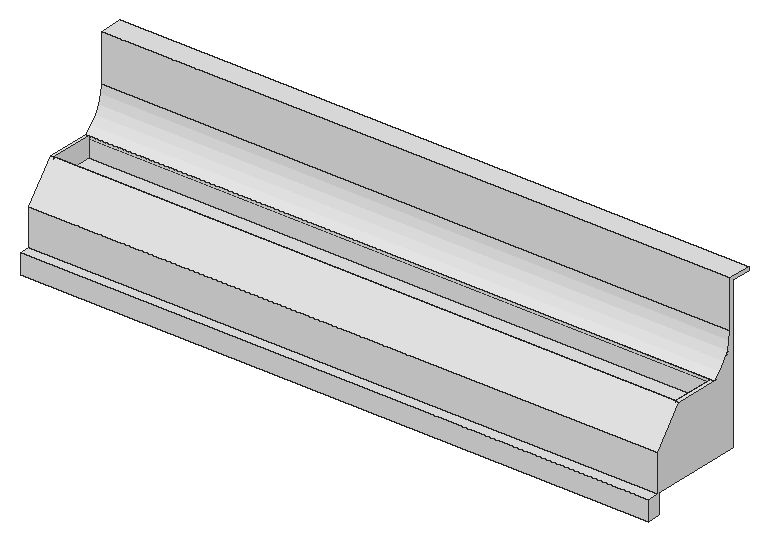
Revit family "60L", category Lighting Fixtures, host Face, Revit 2014
Parameters (values of type "60L-02")
  Width = 4"
  Photometric Web Link = "https://www.hubbell.com/hubbelllightingci/en/Products/Lighting-Controls/Commercial-Indoor-Lighting/Perimeter-Lighting/WallSlot-6000-LED/p/277721"
  Photometric Notes = "More IES files download on Photometric Web Link"  # constant formula
  Length = 24"
  Wattage Comments = "4.5W/ft to 16W/ft"  # constant formula
  Wattage = 4.5 W
  built-in parameter 1150110 = 1 (stored number, unit not read)
  Voltage = 120 V
  URL = "https://www.hubbell.com/litecontrol/en/"
  built-in parameter 1114217 = 1 (stored number, unit not read)
  Tilt Angle = 90.00°
  built-in parameter 1150109 = 1 (stored number, unit not read)
  built-in parameter 1150134 = (empty or 0)
  built-in parameter 1150113 = 1 (stored number, unit not read)
  Product Page URL = "https://www.hubbell.com/litecontrol/en/Products/Lighting-Controls/Commercial-Indoor-Lighting/Perimeter-Lighting/WallSlot-6000-LED/p/277721"
  Product Documentation Link = "https://hubbellcdn.com/specsheet/60l.pdf"
  Power Factor = 1
  Photometric Web File = "60L-x-Cx-35K-D030-02.ies"
  Mounting Type = "Ceiling Mount"
  Model = "60L"  # constant formula
  Manufacturer = "LiteControl"  # constant formula
  built-in parameter 1150105 = 23.993 (stored number, unit not read)
  Lumens = 301.5 lm
  built-in parameter 1150115 = 1 (stored number, unit not read)
  Load Classification = Lighting
  built-in parameter 1150137 = (empty or 0)
  built-in parameter 1150139 = (empty or 0)
  built-in parameter 1150112 = 1 (stored number, unit not read)
  built-in parameter 1150114 = 1 (stored number, unit not read)
  Lamp = "LED's"  # constant formula
  Glass Materisl = Hubbell - White Glass
  built-in parameter 1150132 = (empty or 0)
  built-in parameter 1150102 = (empty or 0)
  built-in parameter 1150107 = 3500 (stored number, unit not read)
  built-in parameter 1150138 = (empty or 0)
  built-in parameter 1150106 = 0.23993 (stored number, unit not read)
  Features = "•\t4 Inch slot opening that can be adjusted for 5 inch or 6 inch\r\n•\tVI technology allows specification of output/wattage\r\n•\tThree color temperature choices\r\n•\tAvailable with optional Luminance Control Deflector (LCD)\r\n•\tSelect configurations are available on Litespeed Quick Ship for 10-day shipping see specification sheet or brochure for details\r\n\r\n"  # constant formula
  Emit from Rectangle Width = Length - 1"  # 23"
  Emit from Rectangle Length = Width - 2 1/2"  # 1 1/2"
  Emit Shape Visible in Rendering = no
  built-in parameter 1150104 = 6.2245 (stored number, unit not read)
  Dimming Lamp Color Temperature Shift = <None>
  Description = "Litespeed Wall/Slot 6000 LED"  # constant formula
  Default Elevation = 48"
  Housing Material = Powdercoat - Hubbell - White
  Create Date = "04/25/2019"  # constant formula
  Contact = "https://www.hubbell.com/litecontrol/en/contactUs?productId=277721"
  Color Filter = 16777215
  built-in parameter 1114218 = 1 (stored number, unit not read)
  built-in parameter 1150133 = 10 (stored number, unit not read)
  Assembly Code = "D5020200"
  Apparent Load = 4.5 VA
Types (6): name | Width | Length | Emit from Rectangle Width | Emit from Rectangle Length | Apparent Load
  (no name) | 4" | 24" | 23" | 1 1/2" | 4.5 VA
  60L-02 | 4" | 24" | 23" | 1 1/2" | 4.5 VA
  60L-04 | 6" | 48" | 47" | 3 1/2" | 0 VA
  60L-03 | 4" | 36" | 35" | 1 1/2" | 0 VA
  60L-06 | 4" | 72" | 71" | 1 1/2" | 0 VA
  60L-08 | 4" | 96" | 95" | 1 1/2" | 4.5 VA
Reference planes (in)
  plane 1 "Center (Front/Back)": y = 0
  plane 2: z = 0
  plane 3 "Center (Left/Right)": x = 0
  plane 4: x = -12
  plane 5: y = 4
  plane 6: x = 12
  plane 7: x = -11.875
  plane 8: x = 11.875
  plane 9: z = -6.5
  plane 10: z = -5.75
  plane 11: y = 0.42274
  plane 12: y = 0.5
  plane 13: y = 4.75
  plane 14: z = 0.125
  plane 15: y = 3.875
  plane 16: z = -3.07002
  plane 17: through (0, 1.45363, -3.07002) normal (0, -0.7771, 0.6293)
  plane 18: y = 3.13237
  plane 19: y = 1.45363
  plane 20: y = 2.293
Forms (in)
  Extrusion 1, solid, material "Powdercoat - Hubbell - White" <- "Housing Material", detail levels medium+fine
    sketch origin (0, 0, 0) x (0, 1, 0) y (0, 0, 1)
      loop
        line (4, 0) -> (4.75, 0) -> (4.75, 0.125) -> (3.875, 0.125) -> (3.875, -1.67333)
        arc (3.875, -1.67333) -> (3.6778, -2.46425) -> (3.13237, -3.07002) r 1.68471
        line (3.13237, -3.07002) -> (1.45363, -3.07002) -> (0.42274, -4.34306) -> (0.42274, -5.75) -> (0, -5.75) -> (0, -6.5) -> (0.5, -6.5) -> (0.5, -5.75) -> (4, -5.75) -> (4, 0)
    from -12 to 12
  Extrusion 2, void
    sketch origin (0, 0, 0) x (1, 0, 0) y (0, 1, 0)
      loop
        line (-12, 4) -> (-12, 0) -> (12, 0) -> (12, 4) -> (-12, 4)
    from -6.5 to 0
  Extrusion 3, void
    sketch origin (0, 0, 0) x (1, 0, 0) y (0, 1, 0)
      loop
        line (-11.875, 3.13237) -> (-11.875, 1.45363) -> (11.875, 1.45363) -> (11.875, 3.13237) -> (-11.875, 3.13237)
    from -3.07002 to -3.82789
  Extrusion 4, solid, material "Hubbell - White Glass" <- "Glass Materisl", detail levels medium+fine
    sketch origin (0, 0, 0) x (1, 0, 0) y (0, 1, 0)
      loop
        line (-11.875, 3.13237) -> (-11.875, 1.45363) -> (11.875, 1.45363) -> (11.875, 3.13237) -> (-11.875, 3.13237)
    from -3.07002 to -3.17003
  Extrusion 5, solid, material "Powdercoat - Hubbell - White" <- "Housing Material", detail levels coarse
    sketch origin (0, 0, 0) x (0, 1, 0) y (0, 0, 1)
      loop
        line (4, 0) -> (0, 0) -> (0, -6.5) -> (4, -6.5) -> (4, 0)
    from -12 to 12
Cuts and joins
  Extrusion 3 cuts Extrusion 1
Lines and regions (in)
  symbolic lines
    curve 1: line (-12, 4.75, 0) -> (12, 4.75, 0)
    curve 2: line (-12, 0, 0) -> (-12, 4.75, 0)
    curve 3: line (12, 0, 0) -> (-12, 0, 0)
    curve 4: line (12, 4.75, 0) -> (12, 0, 0)
    curve 32: line (-12, 0, 0.125) -> (12, 0, 0.125)
    curve 33: line (-12, 0, -6.5) -> (-12, 0, 0.125)
    curve 34: line (12, 0, -6.5) -> (-12, 0, -6.5)
    curve 35: line (12, 0, 0.125) -> (12, 0, -6.5)
  symbolic lines, detail levels medium+fine
    curve 5: line (-12, 3.875, 0) -> (12, 3.875, 0)
    curve 6: line (-12, 0.42274, 0) -> (12, 0.42274, 0)
    curve 15: line (0, 4, 0) -> (0, 4.75, 0)
    curve 16: line (0, 4.75, 0) -> (0, 4.75, 0.125)
    curve 17: line (0, 4.75, 0.125) -> (0, 3.875, 0.125)
    curve 18: line (0, 3.875, 0.125) -> (0, 3.875, -1.67333)
    curve 19: line (0, 3.13237, -3.07002) -> (0, 1.45363, -3.07002)
    curve 20: line (0, 1.45363, -3.07002) -> (0, 0.42274, -4.34306)
    curve 21: line (0, 0.42274, -4.34306) -> (0, 0.42274, -5.75)
    curve 22: line (0, 0.42274, -5.75) -> (0, 0, -5.75)
    curve 23: line (0, 0, -5.75) -> (0, 0, -6.5)
    curve 24: line (0, 0, -6.5) -> (0, 0.5, -6.5)
    curve 25: line (0, 0.5, -6.5) -> (0, 0.5, -5.75)
    curve 26: line (0, 0.5, -5.75) -> (0, 4, -5.75)
    curve 27: line (0, 4, -5.75) -> (0, 4, 0)
    curve 28: arc (0, 3.875, -1.67333) -> (0, 3.6778, -2.46425) -> (0, 3.13237, -3.07002) r 1.68471
    curve 36: line (12, 0, -5.75) -> (-12, 0, -5.75)
  symbolic lines, detail levels fine
    curve 7: line (-11.875, 3.13237, 0) -> (11.875, 3.13237, 0)
    curve 8: line (-11.875, 1.45363, 0) -> (-11.875, 3.13237, 0)
    curve 9: line (11.875, 1.45363, 0) -> (-11.875, 1.45363, 0)
    curve 10: line (11.875, 3.13237, 0) -> (11.875, 1.45363, 0)
    curve 29: line (0, 1.45363, -3.17003) -> (0, 3.13237, -3.17003)
    curve 30: line (0, 3.13237, -3.17003) -> (0, 3.13237, -3.07002)
    curve 31: line (0, 1.45363, -3.07002) -> (0, 1.45363, -3.17003)
    curve 37: line (-12, 0, -4.34306) -> (12, 0, -4.34306)
    curve 38: line (-12, 0, -3.17003) -> (12, 0, -3.17003)
  symbolic lines, detail levels coarse
    curve 11: line (0, 4, 0) -> (0, 0, 0)
    curve 12: line (0, 4, -6.5) -> (0, 4, 0)
    curve 13: line (0, 0, -6.5) -> (0, 4, -6.5)
    curve 14: line (0, 0, 0) -> (0, 0, -6.5)
Dimensions and locks (in)
  "Width": plane 5 to plane 1 "Center (Front/Back)"
  locked: plane 4 to plane 7 at 0.125
  locked: plane 8 to plane 6 at 0.125
  "Length": plane 4 to plane 6
  equal spacing: plane 4, plane 3 "Center (Left/Right)", plane 6
  locked: plane 2 to plane 9 at 6.5
  locked: plane 10 to plane 9 at 0.75
  plane 1 "Center (Front/Back)" to Extrusion 1 = 4"
  locked: plane 13 to plane 5 at 0.75
  locked: plane 5 to plane 15 at 0.125
  locked: plane 5 to plane 18 at 0.86763
  locked: plane 1 "Center (Front/Back)" to plane 19 at 1.45363
  equal spacing: plane 18, plane 20, plane 19
  aligned and locked: plane 2 to host face
  aligned and locked: level to host face
  aligned and locked: plane 5 to Extrusion 1 sketch curve
  aligned and locked: Extrusion 1 sketch curve to plane 10  (x2)
  aligned and locked: plane 12 to Extrusion 1 sketch curve
  aligned and locked: Extrusion 1 sketch curve to plane 9
  aligned and locked: plane 1 "Center (Front/Back)" to Extrusion 1 sketch curve
  aligned and locked: plane 11 to Extrusion 1 sketch curve
  aligned and locked: Extrusion 1 sketch curve to plane 13
  aligned and locked: plane 14 to Extrusion 1 sketch curve
  aligned and locked: plane 15 to Extrusion 1 sketch curve
  aligned and locked: plane 2 to Extrusion 1 sketch curve
  aligned and locked: plane 16 to Extrusion 1 sketch curve
  aligned and locked: plane 17 to Extrusion 1 sketch curve
  aligned and locked: Extrusion 1 to plane 4
  aligned and locked: Extrusion 1 to plane 6
  aligned and locked: Extrusion 2 sketch curve to plane 5
  aligned and locked: plane 4 to Extrusion 2 sketch curve
  aligned and locked: Extrusion 2 sketch curve to Extrusion 1  (x2)
  aligned and locked: Extrusion 2 to plane 9
  aligned and locked: plane 2 to Extrusion 2
  aligned and locked: plane 8 to Extrusion 3
  aligned and locked: plane 7 to Extrusion 4
  aligned and locked: plane 8 to Extrusion 4
  aligned and locked: plane 19 to Extrusion 3 sketch curve
  aligned and locked: Extrusion 3 sketch curve to plane 18
  aligned and locked: plane 18 to Extrusion 4
  aligned and locked: Extrusion 4 to plane 19
  aligned and locked: cut or joined group of Extrusion 1, Extrusion 3 to Extrusion 5 sketch curve
  aligned and locked: Extrusion 5 sketch curve to cut or joined group of Extrusion 1, Extrusion 3  (x3)
  aligned and locked: Extrusion 5 to plane 4
  aligned and locked: Extrusion 5 to plane 6
  aligned and locked: curve 1 to cut or joined group of Extrusion 1, Extrusion 3
  aligned and locked: curve 2 to cut or joined group of Extrusion 1, Extrusion 3
  aligned and locked: curve 3 to cut or joined group of Extrusion 1, Extrusion 3
  aligned and locked: curve 4 to cut or joined group of Extrusion 1, Extrusion 3
  aligned and locked: curve 5 to cut or joined group of Extrusion 1, Extrusion 3
  aligned and locked: curve 6 to cut or joined group of Extrusion 1, Extrusion 3
  aligned and locked: curve 7 to Extrusion 4
  aligned and locked: curve 8 to Extrusion 4
  aligned and locked: curve 9 to Extrusion 4
  aligned and locked: curve 10 to Extrusion 4
  aligned and locked: cut or joined group of Extrusion 1, Extrusion 3 to curve 11
  aligned and locked: curve 12 to cut or joined group of Extrusion 1, Extrusion 3
  aligned and locked: curve 13 to cut or joined group of Extrusion 1, Extrusion 3
  aligned and locked: curve 14 to cut or joined group of Extrusion 1, Extrusion 3
  aligned and locked: curve 19 to cut or joined group of Extrusion 1, Extrusion 3
  aligned and locked: curve 20 to cut or joined group of Extrusion 1, Extrusion 3
  aligned and locked: curve 21 to cut or joined group of Extrusion 1, Extrusion 3
  aligned and locked: curve 28 to cut or joined group of Extrusion 1, Extrusion 3
  aligned and locked: curve 29 to Extrusion 4
  aligned and locked: curve 30 to Extrusion 4
  aligned and locked: curve 31 to Extrusion 4
  aligned and locked: curve 32 to cut or joined group of Extrusion 1, Extrusion 3
  aligned and locked: curve 33 to cut or joined group of Extrusion 1, Extrusion 3
  aligned and locked: curve 34 to cut or joined group of Extrusion 1, Extrusion 3
  aligned and locked: curve 35 to cut or joined group of Extrusion 1, Extrusion 3
  aligned and locked: curve 36 to cut or joined group of Extrusion 1, Extrusion 3
  aligned and locked: curve 37 to cut or joined group of Extrusion 1, Extrusion 3
  aligned and locked: curve 38 to Extrusion 4
Automatic sketch dimensions
  host sketch curve to host sketch curve = 96"  (x2)
  Extrusion 1 sketch curve to plane 15 = 0.74263"
  Extrusion 1 sketch curve to level = 1.67333"
  Extrusion 3 sketch curve to plane 7 = 0"
  Extrusion 3 sketch curve to plane 8 = 0"
  plane 7 to Extrusion 4 sketch curve = 0"
  Extrusion 4 sketch curve to plane 8 = 0"
  Extrusion 4 sketch curve to plane 1 "Center (Front/Back)" = 1.45363"
  Extrusion 4 sketch curve to plane 1 "Center (Front/Back)" = 3.13237"
  plane 9 to curve 21 = 3/4"
  curve 21 to curve 25 = 0.07726"
  curve 11 to curve 16 = 3/4"
  curve 21 to curve 25 = 0"
  curve 15 to curve 17 = 1/8"
Connectors (in)
  electrical at (0, 2.25, -5.75), driven by "Load Classification", driven by "Voltage", driven by "Apparent Load", driven by "Power Factor"
    settings: on cut or joined group of Extrusion 1, Extrusion 3, index 1, voltage 120 V, apparent load 4.5 VA, apparent load phase1 0 VA, apparent load phase2 0 VA, apparent load phase3 0 VA, power factor 1, load classification "Lighting", number of poles 1, system type 30, power factor state 1, is connector primary yes, connector utility no, sub classification motor no, connector description "Lighting Connector"
